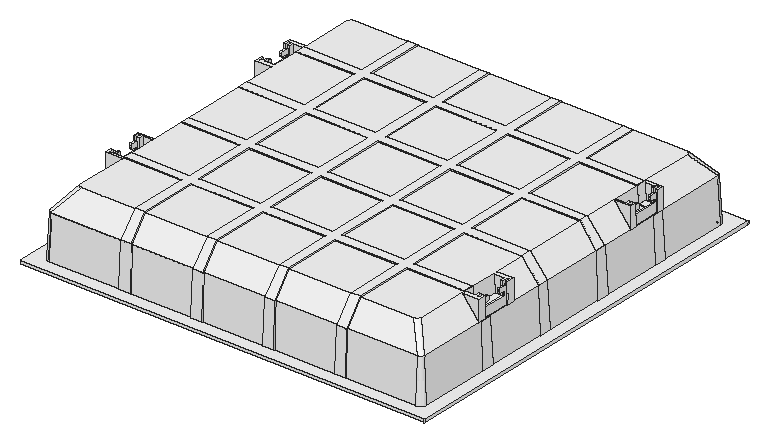
Revit family "STL24909BR_30_40_STL24909PTO_30_40", category Luminárias, Revit 2023 (continued)
Automatic sketch dimensions
  plane 8 to Extrusion 34 sketch curve = 0.00 m
  plane 6 to Extrusion 34 sketch curve = 0.00 m
Connectors (m)
  electrical at (0, 0, 2.5655)
    settings: index 1, voltage 0 V, apparent load 0 VA, apparent load phase1 0 VA, apparent load phase2 0 VA, apparent load phase3 0 VA, power factor 1, load classification "Outro", number of poles 1, system type 31, power factor state 1, is connector primary yes, connector utility no, sub classification motor no, connector description ""
Types (4, lengths in m): name | Wattage | built-in parameter 1150107 | Temperatura da cor (K) | Referência | Luminoso | built-in parameter 1150106 | built-in parameter 1150105 | Fluxo Luminoso | Estrutura | Lumens | built-in parameter 1150134 | Arquivo de rede fotométrica
  STL24909BR/30 - BIVOLT - 3000K - 2400lm - 85° | 16.1571 W | 3000 (stored number, unit not read) | 3000 K | "STL24909BR/30 - BIVOLT" | Luminoso - 3000K | 12.335 (stored number, unit not read) | 1233.5 (stored number, unit not read) | 2400 lm | Al - Branco | 2400 lm | (empty or 0) | "STELLA - STL24909BR-30 - PAINEL DE EMBUTIR SUPER RECUADO S.DEEP 26W.IES"
  STL24909BR/40 - BIVOLT - 4000K - 2500lm - 85° | 16.8303 W | 4000 (stored number, unit not read) | 4000 K | "STL24909BR/40 - BIVOLT" | Luminoso - 4000K | 12.959 (stored number, unit not read) | 1295.9 (stored number, unit not read) | 2500 lm | Al - Branco | 2500 lm | 12 | "STELLA - STL24909BR-40 - PAINEL DE EMBUTIR SUPER RECUADO S.DEEP 26W.ies"
  STL24909PTO/30 - BIVOLT - 3000K - 1800lm - 85° | 12.1178 W | 3000 (stored number, unit not read) | 3000 K | "STL24909PTO/30 - BIVOLT" | Luminoso - 3000K | 9.4653 (stored number, unit not read) | 946.53 (stored number, unit not read) | 1800 lm | Al - Preto | 1800 lm | (empty or 0) | "STELLA - STL24909PTO-30 - PAINEL DE EMBUTIR SUPER RECUADO S.DEEP 26W.IES"
  STL24909PTO/40 - BIVOLT - 4000K - 1900lm - 85° | 12.791 W | 4000 (stored number, unit not read) | 4000 K | "STL24909PTO/40 - BIVOLT" | Luminoso - 4000K | 9.6949 (stored number, unit not read) | 969.49 (stored number, unit not read) | 1900 lm | Al - Preto | 1900 lm | 12 | "STELLA - STL24909PTO-40 - PAINEL DE EMBUTIR SUPER RECUADO S.DEEP 26W.ies"
